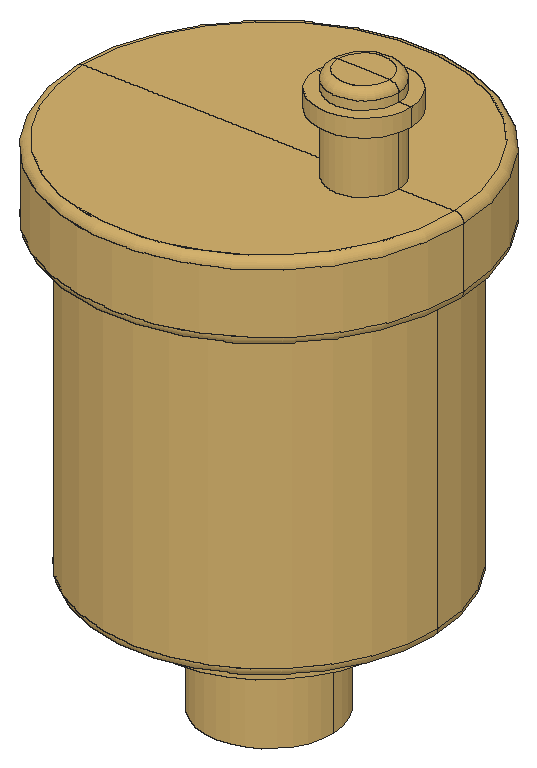
Revit family "Воздухоотводчик автоматический Airvent", category Арматура трубопроводов, Revit 2017
Family settings
  Размер круглого соединителя = Использовать диаметр
  Тип детали = Присоединяется
  На основе рабочей плоскости = Нет
  Всегда вертикально = Да
  При загрузке вырезать с полостями = Нет
  Общий = Нет
Parameters (values of type "DN15")
  Тип присоединения = "Наружная резьба"  # constant formula
  Старое название = ""
  Разработчик (телефон) = "+7(495)649-85-43"  # constant formula
  Разработчик (email) = "office@prorubim.com"  # constant formula
  Разработчик (URL) = "http://prorubim.com/ru/"
  Разработчик = "ООО ПРОРУБИМ"  # constant formula
  Размер присоединения = "G1/2"
  Переключение УГО [instance] = no
  Материал_Корпус = Danfoss Латунь
  Изготовитель (телефон) = "+7(495)792-57-57"  # constant formula
  Изготовитель (email) = "call@danfos.ru"  # constant formula
  Изготовитель = "Danfoss"  # constant formula
  Допустимые среды = "Вода или 40 % водный раствор гликоля"  # constant formula
  URL = "https://www.danfoss.com/ru-ru/"
  Tmin = 0 °C  # constant formula
  Tmax = 110 °C  # constant formula
  PN = "10"  # constant formula
  H_УГО = H - 10.5 mm  # 59.5 mm
  H = 70 mm  # constant formula
  Es = 27 mm
  D = 45 mm  # constant formula
  ADSK_Расход жидкости [instance] = 0.0 m³/h
  ADSK_Размер_Диаметр = 15 mm
  ADSK_Примечание = ""
  ADSK_Потеря давления жидкости [instance] = 0.0 kPa
  ADSK_Позиция = ""
  ADSK_Обозначение = ADSK_Марка  # "Airvent"
  ADSK_Наименование краткое = "Airvent DN15"
  ADSK_Наименование = "Воздухоотводчик автоматический Airvent, муфтовый, материал корпуса - латунь, DN15, PN10, Тмакс. = 110 °С"
  ADSK_Масса_Текст = "0.154"
  ADSK_Масса = 0.154
  ADSK_Марка = "Airvent"  # constant formula
  ADSK_Количество = 1  # constant formula
  ADSK_Код изделия = "065B822300"
  ADSK_Завод-изготовитель = "Danfoss"  # constant formula
  ADSK_Единица измерения = "шт."  # constant formula
  ADSK_Группирование [instance] = ""
  ADSK_Версия семейства = "v1"  # constant formula
  ADSK_Версия Revit = "2017"  # constant formula
  ADSK_URL документации изделия = ""
Types (3, lengths in mm): name | Размер присоединения | Es | ADSK_Размер_Диаметр | ADSK_Наименование краткое | ADSK_Наименование | ADSK_Масса_Текст | ADSK_Масса | ADSK_Код изделия
  (no name) | "G1/2" | 27 | 15 | "Airvent DN15" | "Воздухоотводчик автоматический Airvent, муфтовый, материал корпуса - латунь, DN15, PN10, Тмакс. = 110 °С" | "0.154" | 0.154 | "065B822300"
  DN10 | "G3/8" | 22.973 | 10 | "Airvent DN10" | "Воздухоотводчик автоматический Airvent, муфтовый, материал корпуса - латунь, DN10, PN10, Тмакс. = 110 °С" | "0.15" | 0.15 | "065B8222"
  DN15 | "G1/2" | 27 | 15 | "Airvent DN15" | "Воздухоотводчик автоматический Airvent, муфтовый, материал корпуса - латунь, DN15, PN10, Тмакс. = 110 °С" | "0.154" | 0.154 | "065B822300"
Reference planes
  plane 1 "По центру (Вперед/Назад)": y = 0
  plane 2: z = 0
  plane 3 "По центру (Влево/Вправо)": x = 0
  plane 4: x = -19.5
  plane 5: x = 19.5
  plane 6: z = 10.5
  plane 7: z = 14
  plane 8: z = 59
  plane 9: z = 70
  plane 10: x = -22.5
  plane 11: x = 22.5
  plane 12: z = 50
  plane 13: x = -13.5
  plane 14: x = 13.5
  plane 15: x = -7.5
  plane 16: x = 7.5
  plane 17: x = 11
  plane 18: z = 62
  plane 19: z = 66
  plane 20: z = 68
  plane 21: x = 7
  plane 22: x = 5.5
Forms (mm)
  Revolve 1, solid, material "Danfoss Латунь" <- "Материал_Корпус", detail levels fine
    sketch origin (0, 0, 0) x (1, 0, 0) y (0, 0, 1)
      loop
        line (0, 0) -> (7.5, 0) -> (7.5, 10.5) -> (13.5, 10.5) -> (13.5, 14) -> (18.5, 14)
        arc (18.5, 14) -> (19.207, 14.293) -> (19.5, 15) r 1
        line (19.5, 15) -> (19.5, 50) -> (21.5, 50)
        arc (21.5, 50) -> (22.207, 50.293) -> (22.5, 51) r 1
        line (22.5, 51) -> (22.5, 58)
        arc (22.5, 58) -> (22.207, 58.707) -> (21.5, 59) r 1
        line (21.5, 59) -> (0, 59) -> (0, 0)
      axis (0, 59) -> (0, 0)
    angle from 0 to 360
  Revolve 2, solid, material "Danfoss Латунь" <- "Материал_Корпус", detail levels fine
    sketch origin (0, 0, 0) x (1, 0, 0) y (0, 0, 1)
      loop
        line (11, 59) -> (11, 70) -> (8, 70)
        arc (8, 70) -> (7.293, 69.707) -> (7, 69) r 1
        line (7, 69) -> (7, 68) -> (5.5, 68) -> (5.5, 66) -> (7, 66) -> (7, 59) -> (11, 59)
      axis (11, 70) -> (11, 59)
    angle from 0 to 360
Cuts and joins
  joined: Revolve 1, Revolve 2
Lines and regions (mm)
  reference lines
    curve 1: line (0, 0, 14) -> (0, 0, 10.5)
Dimensions and locks
  equal spacing: plane 5, plane 3 "По центру (Влево/Вправо)", plane 4
  locked: plane 5 to plane 4 at 39
  equal spacing: plane 11, plane 3 "По центру (Влево/Вправо)", plane 10
  "D": plane 11 to plane 10
  locked: plane 6 to level at 10.5
  locked: plane 7 to plane 6 at 3.5
  locked: plane 8 to level at 59
  "H": plane 9 to level
  locked: plane 8 to plane 12 at 9
  equal spacing: plane 16, plane 3 "По центру (Влево/Вправо)", plane 15
  "ADSK_Размер_Диаметр": plane 16 to plane 15
  equal spacing: plane 14, plane 3 "По центру (Влево/Вправо)", plane 13
  "Es": plane 14 to plane 13
  locked: plane 17 to plane 3 "По центру (Влево/Вправо)" at 11
  locked: plane 18 to plane 8 at 3
  locked: plane 19 to plane 18 at 4
  locked: plane 20 to plane 19 at 2
  locked: plane 17 to plane 21 at 4
  locked: plane 17 to plane 22 at 5.5
  aligned and locked: level to plane 2
  aligned and locked: Revolve 1 sketch curve to plane 3 "По центру (Влево/Вправо)"
  aligned and locked: Revolve 1 sketch curve to plane 8
  aligned and locked: plane 3 "По центру (Влево/Вправо)" to Revolve 1 sketch curve
  aligned and locked: Revolve 1 sketch curve to plane 11
  aligned and locked: plane 12 to Revolve 1 sketch curve
  aligned and locked: Revolve 1 sketch curve to plane 5
  aligned and locked: plane 7 to Revolve 1 sketch curve
  aligned and locked: Revolve 1 sketch curve to plane 14
  aligned and locked: plane 6 to Revolve 1 sketch curve
  aligned and locked: Revolve 1 sketch curve to plane 16
  aligned and locked: plane 2 to Revolve 1 sketch curve
  aligned and locked: Revolve 2 sketch curve to plane 17
  aligned and locked: Revolve 2 sketch curve to plane 22
  aligned and locked: Revolve 2 sketch curve to plane 21  (x2)
  aligned and locked: plane 9 to Revolve 2 sketch curve
  aligned and locked: plane 17 to Revolve 2 sketch curve
  aligned and locked: Revolve 2 sketch curve to plane 8
  aligned and locked: Revolve 2 sketch curve to plane 19
  aligned and locked: curve 1 to plane 3 "По центру (Влево/Вправо)"
  aligned and locked: plane 7 to curve 1
  aligned and locked: plane 6 to curve 1
  aligned and locked: plane 3 "По центру (Влево/Вправо)" to nested 1
  aligned and locked: plane 6 to nested 1
Automatic sketch dimensions
  Revolve 2 sketch curve to plane 20 = 0 mm
  Revolve 2 sketch curve to plane 9 = 1 mm
  Revolve 2 sketch curve to Revolve 2 sketch curve = 1.297 mm
  Revolve 2 sketch curve to Revolve 2 sketch curve = 2.22 mm
  Revolve 1 sketch curve to plane 11 = 1 mm  (x2)
  Revolve 1 sketch curve to level = 7.693 mm
  Revolve 1 sketch curve to Revolve 1 sketch curve = 11.83 mm
  plane 7 to Revolve 1 sketch curve = 1 mm
Nested families
  nested 1: "_УГО_Воздухоотводчик" at (0, 0, 10.5), L <- "H_УГО", Переключатель УГО <- "Переключение УГО", type "_УГО_Воздухоотводчик"
    with УГО yes, Переключатель УГО no, y 29.75 mm, x 14.875 mm, L 59.5 mm
Connectors
  piping at (0, 0, 10.5), diameter 15, driven by "ADSK_Размер_Диаметр", driven by "ADSK_Расход жидкости", driven by "ADSK_Потеря давления жидкости"
    settings: on curve 1, index 1, connector inside diameter 609.6 mm, connector length 0 mm, flow factor 0, pipe flow 0.0 m³/h, pressure drop 0.0 kPa, fitting loss kfactor 0, connector angle 0.00°, fixture units 0, engagement length 0 mm, angle of deflection 0.00°, flow configuration 0, flow direction 0, fitting loss method 4, system type 28, joint type 0, gender type 0, connector reference index -1, connector utility 0, adjustable connector yes, is connector primary yes, connector description ""
Definition of nested family "_УГО_Воздухоотводчик"
  Parameters (values of type "УГО_Автоматический воздухоотводчик")
    УГО [instance] = not(Переключатель УГО)  # yes
    Переключатель УГО [instance] = no
    L [instance] = 80 mm
    y [instance] = L / 2  # 40 mm
    x [instance] = y / 2  # 20 mm
  Reference planes
    plane 1 "По центру (Вперед/Назад)": y = 0
    plane 2: z = 0
    plane 3 "По центру (Влево/Вправо)": x = 0
    plane 4: z = 80
    plane 5: x = -20
    plane 6: x = 20
    plane 7: z = 60
    plane 8: y = 20
    plane 9: y = -20
  Lines and regions (mm)
    symbolic lines, detail levels coarse+medium
      curve 1: line (0, 60, 0) -> (0, 0, 0)
      curve 2: line (-20, 60, 0) -> (20, 60, 0)
      curve 3: line (20, 60, 0) -> (0, 80, 0)
      curve 4: line (-20, 60, 0) -> (0, 80, 0)
    model lines, visible <- "УГО", detail levels coarse+medium
      curve 5: line (0, 0, 60) -> (0, 0, 0)
      curve 6: line (-20, 0, 60) -> (0, 0, 80)
      curve 7: line (0, 0, 80) -> (20, 0, 60)
      curve 8: line (20, 0, 60) -> (-20, 0, 60)
    model lines, visible <- "Переключатель УГО", detail levels coarse+medium
      curve 9: line (0, 0, 60) -> (0, 0, 0)
      curve 10: line (0, 20, 60) -> (0, 0, 80)
      curve 11: line (0, 0, 80) -> (0, -20, 60)
      curve 12: line (0, -20, 60) -> (0, 20, 60)
  Dimensions and locks
    equal spacing: plane 5, plane 3 "По центру (Влево/Вправо)", plane 6
    "y": plane 5 to plane 6
    "L": plane 4 to level
    "x": plane 4 to plane 7
    equal spacing: plane 8, plane 1 "По центру (Вперед/Назад)", plane 9
    "y": plane 8 to plane 9
    aligned and locked: level to plane 2
    aligned and locked: curve 1 to plane 3 "По центру (Влево/Вправо)"
    aligned and locked: plane 1 "По центру (Вперед/Назад)" to curve 1
    aligned and locked: plane 3 "По центру (Влево/Вправо)" to curve 4
    aligned and locked: curve 5 to plane 3 "По центру (Влево/Вправо)"
    aligned and locked: plane 7 to curve 8
    aligned and locked: plane 7 to curve 5
    aligned and locked: plane 6 to curve 8
    aligned and locked: plane 5 to curve 8
    aligned and locked: plane 4 to curve 7
    aligned and locked: plane 3 "По центру (Влево/Вправо)" to curve 7
    aligned and locked: curve 9 to plane 1 "По центру (Вперед/Назад)"
    aligned and locked: plane 7 to curve 9
    aligned and locked: level to curve 9
    aligned and locked: plane 4 to curve 11
    aligned and locked: plane 1 "По центру (Вперед/Назад)" to curve 11
    aligned and locked: plane 7 to curve 12
    aligned and locked: plane 9 to curve 11
    aligned and locked: plane 8 to curve 10
  Automatic sketch dimensions
    curve 3 to plane 6 = 0 mm
    curve 5 to level = 0 mm
    curve 2 to plane 5 = 0 mm
    curve 2 to plane 8 = 40 mm
